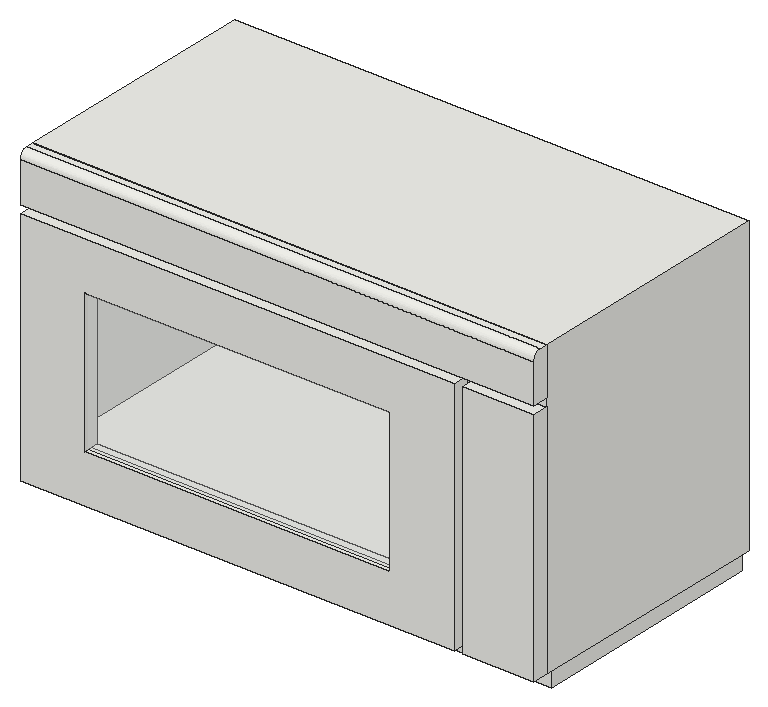
Revit family
Parameters (values of type "815 x 450 x 500mm")
  Depth = 450.00 mm
  Height = 500.00 mm
  Material = Laminate - Ivory, Matte
  Width = 815.00 mm
Types (3, lengths in mm): name | Depth | Height | Width
  (no name) | 450.00 | 500.00 | 815.00
  760 x 400 x 450mm | 400.00 | 450.00 | 760.00
  815 x 450 x 500mm | 450.00 | 500.00 | 815.00
Reference planes
  plane 1 "Center (Front/Back)": y = -353.081
  plane 2: z = 914.4
  plane 3 "Center (Left/Right)": x = 500.293
  plane 4 "Back": y = -128.081
  plane 5 "Right": x = 907.793
  plane 6 "Front": y = -578.081
  plane 7 "Left": x = 92.793
  plane 8: z = 1414.4
  plane 9: z = 1279.557
Forms (mm)
  Extrusion 1, solid, material "Laminate - Ivory, Matte" <- "Material"
    sketch origin (0, 0, 914.4) x (1, 0, 0) y (0, 1, 0)
      loop
        line (102.318, -153.481) -> (102.318, -532.043) -> (898.268, -532.043) -> (898.268, -153.481) -> (102.318, -153.481)
    from 0 to 31.75
  Extrusion 2, solid, material "Laminate - Ivory, Matte" <- "Material"
    sketch origin (0, 0, 914.4) x (1, 0, 0) y (0, 1, 0)
      loop
        line (92.793, -153.481) -> (92.793, -552.681) -> (907.793, -552.681) -> (907.793, -153.481) -> (92.793, -153.481)
    from 31.75 to 500
  Extrusion 3, void
    sketch origin (0, -578.081, 0) x (-1, 0, 0) y (0, 0, 1)
      loop
        line (-149.546, 1271.001) -> (-851.04, 1271.001) -> (-851.04, 1020.176) -> (-149.546, 1020.176) -> (-149.546, 1271.001)
    from 25.4 to 355.6
  Extrusion 4, solid, material "Laminate - Ivory, Matte" <- "Material"
    sketch origin (907.793, -1.164, 0) x (0, -1, 0) y (0, 0, 1)
      loop
        line (153.481, 1389) -> (128.081, 1389) -> (128.081, 961.947) -> (153.481, 936.547) -> (153.481, 1389)
    from 25.4 to 789.6
  Extrusion 5, solid, material "Laminate - Ivory, Matte" <- "Material"
    sketch origin (907.793, 0, 0) x (0, -1, 0) y (0, 0, 1)
      loop
        line (552.681, 1414.4) -> (552.681, 1338.2) -> (578.081, 1338.2) -> (578.081, 1401.7)
        arc (578.081, 1401.7) -> (574.361, 1410.68) -> (565.381, 1414.4) r 12.7
        line (565.381, 1414.4) -> (552.681, 1414.4)
    from 0 to 815
  Extrusion 6, solid, material "Laminate - Ivory, Matte" <- "Material"
    sketch origin (0, -578.081, 0) x (1, 0, 0) y (0, 0, 1)
      loop
        line (92.793, 1325.5) -> (92.793, 946.15) -> (781.19, 946.15) -> (781.19, 1325.5) -> (92.793, 1325.5)
      loop
        line (194.393, 1249.3) -> (194.393, 1022.35) -> (678.49, 1022.35) -> (678.49, 1249.3) -> (194.393, 1249.3)
      loop
        line (907.793, 946.15) -> (907.793, 1325.5) -> (793.89, 1325.5) -> (793.89, 946.15) -> (907.793, 946.15)
    from 0 to -25.4
  Extrusion 7, solid, material "Glass"
    sketch origin (0, -578.081, 0) x (1, 0, 0) y (0, 0, 1)
      loop
        line (194.393, 1249.3) -> (194.393, 1022.35) -> (678.49, 1022.35) -> (678.49, 1249.3) -> (194.393, 1249.3)
    from -6.35 to -12.7
Cuts and joins
  Extrusion 3 cuts Extrusion 1
  Extrusion 3 cuts Extrusion 2
Lines and regions (mm)
  model lines, detail levels medium+fine
    curve 1: line (181.693, -578.081, 1009.65) -> (691.19, -578.081, 1009.65)
    curve 2: line (181.693, -578.081, 1262) -> (181.693, -578.081, 1009.65)
    curve 3: line (691.19, -578.081, 1262) -> (181.693, -578.081, 1262)
    curve 4: line (691.19, -578.081, 1009.65) -> (691.19, -578.081, 1262)
    curve 5: line (123.319, -578.081, 1389.52) -> (738.781, -578.081, 1389.52)
    curve 6: line (123.319, -578.081, 1357.77) -> (123.319, -578.081, 1389.52)
    curve 7: line (738.781, -578.081, 1357.77) -> (123.319, -578.081, 1357.77)
    curve 8: line (738.781, -578.081, 1389.52) -> (738.781, -578.081, 1357.77)
    curve 9: line (703.493, -578.081, 1389.52) -> (703.493, -578.081, 1357.77)
    curve 10: line (668.205, -578.081, 1389.52) -> (668.205, -578.081, 1357.77)
    curve 11: line (632.916, -578.081, 1389.52) -> (632.916, -578.081, 1357.77)
    curve 12: line (597.628, -578.081, 1389.52) -> (597.628, -578.081, 1357.77)
    curve 13: line (562.34, -578.081, 1389.52) -> (562.34, -578.081, 1357.77)
    curve 14: line (527.051, -578.081, 1389.52) -> (527.051, -578.081, 1357.77)
    curve 15: line (491.763, -578.081, 1389.52) -> (491.763, -578.081, 1357.77)
    curve 16: line (456.475, -578.081, 1389.52) -> (456.475, -578.081, 1357.77)
    curve 17: line (421.186, -578.081, 1389.52) -> (421.186, -578.081, 1357.77)
    curve 18: line (385.898, -578.081, 1389.52) -> (385.898, -578.081, 1357.77)
    curve 19: line (350.61, -578.081, 1389.52) -> (350.61, -578.081, 1357.77)
    curve 20: line (315.322, -578.081, 1389.52) -> (315.322, -578.081, 1357.77)
    curve 21: line (907.793, -218.144, 996.95) -> (907.793, -505.481, 996.95)
    curve 22: line (907.793, -205.444, 1288.988) -> (907.793, -205.444, 1009.65)
    curve 23: line (907.793, -505.481, 1301.688) -> (907.793, -218.144, 1301.688)
    curve 24: line (907.793, -518.181, 1009.65) -> (907.793, -518.181, 1288.988)
    curve 25: arc (907.793, -518.181, 1288.988) -> (907.793, -514.461, 1297.968) -> (907.793, -505.481, 1301.688) r 12.7
    curve 26: arc (907.793, -218.144, 1301.688) -> (907.793, -209.164, 1297.968) -> (907.793, -205.444, 1288.988) r 12.7
    curve 27: arc (907.793, -205.444, 1009.65) -> (907.793, -209.164, 1000.67) -> (907.793, -218.144, 996.95) r 12.7
    curve 28: arc (907.793, -505.481, 996.95) -> (907.793, -514.461, 1000.67) -> (907.793, -518.181, 1009.65) r 12.7
    curve 29: line (92.793, -505.481, 1301.688) -> (92.793, -218.144, 1301.688)
    curve 30: arc (92.793, -218.144, 1301.688) -> (92.793, -209.164, 1297.968) -> (92.793, -205.444, 1288.988) r 12.7
    curve 31: line (92.793, -205.444, 1288.988) -> (92.793, -205.444, 1009.65)
    curve 32: arc (92.793, -205.444, 1009.65) -> (92.793, -209.164, 1000.67) -> (92.793, -218.144, 996.95) r 12.7
    curve 33: line (92.793, -218.144, 996.95) -> (92.793, -505.481, 996.95)
    curve 34: arc (92.793, -505.481, 996.95) -> (92.793, -514.461, 1000.67) -> (92.793, -518.181, 1009.65) r 12.7
    curve 35: line (92.793, -518.181, 1009.65) -> (92.793, -518.181, 1288.988)
    curve 36: arc (92.793, -518.181, 1288.988) -> (92.793, -514.461, 1297.968) -> (92.793, -505.481, 1301.688) r 12.7
  symbolic lines, style "SpecialityEquipment"
    curve 37: line (92.793, -578.081, 914.4) -> (907.793, -578.081, 914.4)
    curve 38: line (92.793, -153.481, 914.4) -> (92.793, -578.081, 914.4)
    curve 39: line (907.793, -153.481, 914.4) -> (92.793, -153.481, 914.4)
    curve 40: line (907.793, -578.081, 914.4) -> (907.793, -153.481, 914.4)
    curve 44: line (92.793, -552.681, 914.4) -> (907.793, -552.681, 914.4)
  symbolic lines, style "SpecialityEquipment", detail levels medium+fine
    curve 41: line (118.193, -153.481, 914.4) -> (118.193, -129.244, 914.4)
    curve 42: line (118.193, -129.244, 914.4) -> (882.393, -129.244, 914.4)
    curve 43: line (882.393, -129.244, 914.4) -> (882.393, -153.481, 914.4)
  model lines
    curve 45: line (175.343, -578.081, 1281.05) -> (697.54, -578.081, 1281.05)
    curve 46: line (162.643, -578.081, 1003.3) -> (162.643, -578.081, 1268.35)
    curve 47: line (697.54, -578.081, 990.6) -> (175.343, -578.081, 990.6)
    curve 48: line (710.24, -578.081, 1268.35) -> (710.24, -578.081, 1003.3)
    curve 49: arc (162.643, -578.081, 1268.35) -> (166.363, -578.081, 1277.33) -> (175.343, -578.081, 1281.05) r 12.7
    curve 50: arc (175.343, -578.081, 990.6) -> (166.363, -578.081, 994.32) -> (162.643, -578.081, 1003.3) r 12.7
    curve 51: arc (710.24, -578.081, 1003.3) -> (706.52, -578.081, 994.32) -> (697.54, -578.081, 990.6) r 12.7
    curve 52: arc (697.54, -578.081, 1281.05) -> (706.52, -578.081, 1277.33) -> (710.24, -578.081, 1268.35) r 12.7
Dimensions and locks
  equal spacing: plane 7 "Left", plane 3 "Center (Left/Right)", plane 5 "Right"
  equal spacing: plane 6 "Front", plane 1 "Center (Front/Back)", plane 4 "Back"
  "Width": plane 7 "Left" to plane 5 "Right"
  "Depth": plane 6 "Front" to plane 4 "Back"
  "Height": plane 2 to plane 8
  locked: plane 9 to plane 8 at 134.843
  locked: Extrusion 4 to plane 7 "Left" at 25.4
  aligned and locked: level to plane 2
  aligned and locked: plane 7 "Left" to Extrusion 5
  aligned and locked: Extrusion 6 to Extrusion 7 sketch curve  (x2)
  aligned and locked: Extrusion 7 sketch curve to Extrusion 6  (x2)
  aligned and locked: cut or joined group of Extrusion 2, Extrusion 3 to plane 8
Automatic sketch dimensions
  Extrusion 2 sketch curve to plane 6 "Front" = 25.40 mm
  Extrusion 2 sketch curve to plane 7 "Left" = 0.00 mm
  Extrusion 2 sketch curve to plane 5 "Right" = 0.00 mm
  plane 4 "Back" to Extrusion 2 sketch curve = 25.40 mm
  Extrusion 1 sketch curve to plane 6 "Front" = 46.037 mm
  Extrusion 1 sketch curve to plane 7 "Left" = 9.525 mm
  plane 5 "Right" to Extrusion 1 sketch curve = 9.525 mm
  plane 4 "Back" to Extrusion 1 sketch curve = 25.40 mm
  plane 5 "Right" to Extrusion 3 sketch curve = 56.753 mm
  Extrusion 3 sketch curve to plane 7 "Left" = 56.753 mm
  level to Extrusion 3 sketch curve = 105.776 mm
  Extrusion 3 sketch curve to Extrusion 3 sketch curve = 250.825 mm
  plane 4 "Back" to Extrusion 4 sketch curve = 1.164 mm
  level to Extrusion 4 sketch curve = 22.147 mm
  plane 4 "Back" to Extrusion 4 sketch curve = 26.564 mm
  Extrusion 4 sketch curve to Extrusion 4 sketch curve = 25.40 mm
  plane 8 to Extrusion 4 sketch curve = 25.40 mm
  curve 39 to plane 7 "Left" = 0.00 mm
  curve 44 to plane 5 "Right" = 0.00 mm
  plane 4 "Back" to curve 41 = 1.164 mm
  curve 41 to plane 7 "Left" = 25.40 mm
  plane 5 "Right" to curve 42 = 25.40 mm
  curve 37 to curve 44 = 25.40 mm
  curve 43 to curve 42 = 24.236 mm
  curve 37 to plane 6 "Front" = 0.00 mm
  Extrusion 6 sketch curve to plane 7 "Left" = 0.00 mm
  Extrusion 6 sketch curve to plane 5 "Right" = 0.00 mm
  Extrusion 6 sketch curve to plane 7 "Left" = 101.60 mm
  level to Extrusion 6 sketch curve = 107.95 mm
  plane 3 "Center (Left/Right)" to Extrusion 6 sketch curve = 178.197 mm
  Extrusion 6 sketch curve to plane 9 = 45.943 mm
  Extrusion 6 sketch curve to Extrusion 6 sketch curve = 126.603 mm
  Extrusion 6 sketch curve to Extrusion 6 sketch curve = 12.70 mm
  level to Extrusion 6 sketch curve = 31.75 mm
  Extrusion 6 sketch curve to Extrusion 6 sketch curve = 0.00 mm
  plane 9 to Extrusion 6 sketch curve = 30.257 mm
  plane 8 to Extrusion 6 sketch curve = 88.90 mm
  Extrusion 5 sketch curve to plane 8 = 0.00 mm
  Extrusion 5 sketch curve to plane 6 "Front" = 0.00 mm
  Extrusion 5 sketch curve to plane 6 "Front" = 12.70 mm
  Extrusion 5 sketch curve to Extrusion 5 sketch curve = 12.70 mm
  Extrusion 5 sketch curve to Extrusion 5 sketch curve = 63.50 mm
  plane 3 "Center (Left/Right)" to curve 7 = 238.488 mm
  level to curve 48 = 88.90 mm
  plane 3 "Center (Left/Right)" to curve 48 = 209.947 mm
  curve 5 to curve 9 = 35.288 mm
  curve 45 to plane 9 = 1.493 mm
  curve 48 to curve 45 = 12.70 mm
  curve 48 to curve 51 = 12.70 mm
  curve 51 to curve 4 = 6.35 mm
  curve 9 to curve 10 = 35.288 mm
  curve 10 to curve 11 = 35.288 mm
  curve 11 to curve 12 = 35.288 mm
  curve 12 to curve 13 = 35.288 mm
  plane 3 "Center (Left/Right)" to curve 14 = 26.758 mm
  curve 15 to plane 3 "Center (Left/Right)" = 8.53 mm
  curve 15 to curve 16 = 35.288 mm
  curve 16 to curve 17 = 35.288 mm
  curve 17 to curve 18 = 35.288 mm
  curve 18 to curve 19 = 35.288 mm
  curve 19 to curve 20 = 35.288 mm
  curve 1 to plane 7 "Left" = 88.90 mm
  curve 2 to curve 45 = 6.35 mm
  curve 1 to curve 47 = 6.35 mm
  curve 50 to curve 50 = 12.70 mm
  curve 5 to plane 7 "Left" = 30.526 mm
  curve 18 to curve 45 = 76.72 mm
  plane 8 to curve 11 = 24.88 mm
  curve 49 to curve 2 = 6.35 mm
  curve 4 to curve 51 = 6.35 mm
  plane 4 "Back" to curve 27 = 77.364 mm
  curve 32 to curve 27 = 0.00 mm
  curve 26 to curve 23 = 12.70 mm
  curve 22 to curve 33 = 12.70 mm
  curve 21 to curve 33 = 0.00 mm
  curve 29 to curve 23 = 0.00 mm
  curve 25 to plane 9 = 22.131 mm
  plane 1 "Center (Front/Back)" to curve 25 = 152.40 mm
  plane 1 "Center (Front/Back)" to curve 21 = 152.40 mm
  curve 25 to plane 9 = 9.431 mm
  curve 29 to plane 9 = 22.131 mm
  curve 29 to curve 25 = 12.70 mm
  curve 33 to curve 24 = 12.70 mm
  curve 35 to plane 9 = 9.431 mm
  level to curve 34 = 95.25 mm
  curve 27 to curve 32 = 0.00 mm
